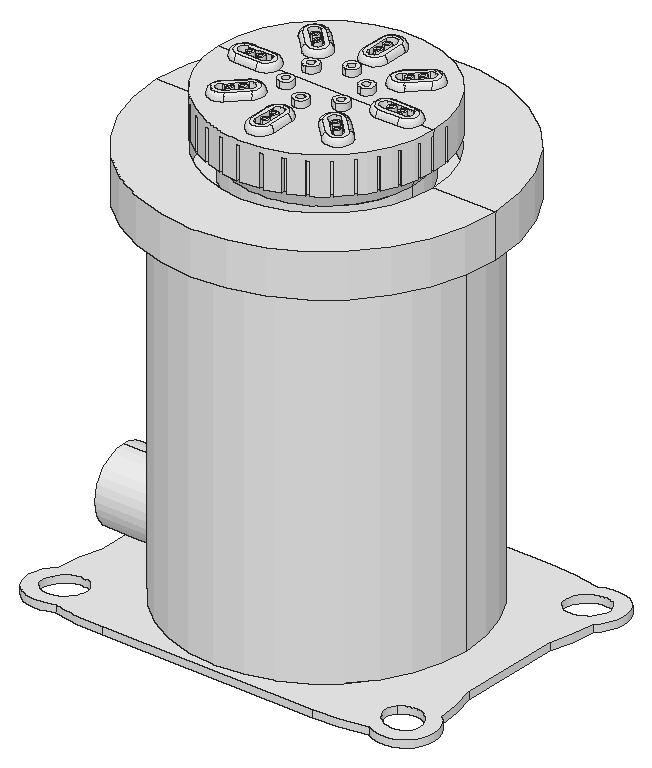
Revit family "xxxNew_xxxBody_Spray-Grohe-Rainshower-Aqua-26744_Series", category Plumbing Fixtures, host Face, Revit 2019
Family settings
  Host = Face
  Round Connector Dimension = Use Diameter
  Part Type = Normal
  OmniClass Number = 23.45.05.14.17
  OmniClass Title = Showers
  Cut with Voids When Loaded = No
  Shared = Yes
  Room Calculation Point = No
Parameters (values of type "26744000")
  Width = 2 15/16"
  Waste Connection = no
  WFU = 4  # constant formula
  Vent Connection = no
  URL = "https://www.grohe.us/"
  Type Comments = ""
  Tempered Water Connection Diameter = 1/2"  # constant formula
  Tempered Water Connection = yes
  Price = "Prices may vary. Please consult Manufacturer Representative for most up-to-date price list."  # constant formula
  Model = "26744000"
  Material = "Plastic-Grohe-000-Starlight Chrome"
  Manufacturer = "Grohe"  # constant formula
  Length = 7/8"
  HWFU = 3  # constant formula
  HW Connection = no
  Flow Rate = "0.9gpm (3.3 l/min)"
  Finish = Plastic-Grohe-000-Starlight Chrome
  Energy Policy Act of 1992 = yes
  Description = "Rainshower™ Aqua Body Spray- 2 Sprays"
  Default Elevation = 34"
  Creation Date = "03/23/2021"  # constant formula
  Concealed Body (3 3/16"- 4 5/16") = 3 3/16"
  Concealed Body Length = if([Concealed Body (3 3/16"- 4 5/16")] < 3 3/16", 3 3/16", if([Concealed Body (3 3/16"- 4 5/16")] > 4 5/16", 4 5/16", [Concealed Body (3 3/16"- 4 5/16")]))  # 3 3/16"
  Compliance Certifications = "Massachusetts Plumbing Board Approved, CSA B125.1"
  CalGreen Compliant = yes
  CWFU = 3  # constant formula
  CW Connection = no
  CEC Compliant = yes
  Assembly Code = "D2010710"
  ASME A112.18.1/CSA B125.1 = yes
Reference planes (in)
  plane 1 "Center (Front/Back)": y = 0
  plane 2: z = 0
  plane 3 "Center (Left/Right)": x = 0
  plane 4: x = -1.46875
  plane 5: x = 1.46875
  plane 6: z = 0.875
  plane 7: z = -3.1875
Forms (in)
  Revolve 1, solid, material "Plastic-Grohe-000-Starlight Chrome" <- "Finish"
    sketch origin (0, 0, -0.05123) x (-1, 0, 0) y (0, 0, -1)
      loop
        line (0, -0.05123) -> (-1.46875, -0.05123) -> (-1.46875, -0.42623) -> (-0.93512, -0.42623) -> (-0.93512, -0.19033) -> (-0.74674, -0.19033) -> (-0.74674, -0.375) -> (-0.83065, -0.55496) -> (-0.93512, -0.55496) -> (-0.93512, -0.875) -> (0, -0.875) -> (0, -0.05123)
      axis (0, -0.875) -> (0, -0.05123)
    angle from 0 to 360
  Extrusion 2, solid, material "Plastic-Grohe-000-Starlight Chrome" <- "Finish"
    sketch origin (0, 0, 0) x (0, 1, 0) y (-1, 0, 0)
      loop
        circle (0.27664, 0) r 0.0625
      loop
        circle (0.13634, -0.24071) r 0.0625
      loop
        circle (-0.27664, 0) r 0.0625
      loop
        circle (-0.13634, -0.24071) r 0.0625
      loop
        circle (0.13634, 0.24071) r 0.0625
      loop
        circle (-0.13634, 0.24071) r 0.0625
      loop
        circle (0.13634, -0.24071) r 0.03125
      loop
        circle (-0.13634, -0.24071) r 0.03125
      loop
        circle (0.27664, 0) r 0.03125
      loop
        circle (0.13634, 0.24071) r 0.03125
      loop
        circle (-0.13634, 0.24071) r 0.03125
      loop
        circle (-0.27664, 0) r 0.03125
      loop
        circle (0.66236, 0) r 0.03125
      loop
        circle (0.56811, 0) r 0.03125
      loop
        circle (0, -0.66236) r 0.03125
      loop
        circle (0, -0.56811) r 0.03125
      loop
        circle (0.46836, -0.46836) r 0.03125
      loop
        circle (0.40171, -0.40171) r 0.03125
      loop
        circle (0, -0.66236) r 0.01562
      loop
        circle (0, -0.56811) r 0.01563
      loop
        circle (0.46836, -0.46836) r 0.01562
      loop
        circle (0.40171, -0.40171) r 0.01562
      loop
        circle (0.56811, 0) r 0.01563
      loop
        circle (0.66236, 0) r 0.01562
      loop
        circle (-0.66236, 0) r 0.03125
      loop
        circle (-0.56811, 0) r 0.03125
      loop
        circle (-0.46836, -0.46836) r 0.03125
      loop
        circle (-0.40171, -0.40171) r 0.03125
      loop
        circle (-0.46836, -0.46836) r 0.01562
      loop
        circle (-0.40171, -0.40171) r 0.01562
      loop
        circle (-0.56811, 0) r 0.01563
      loop
        circle (-0.66236, 0) r 0.01562
      loop
        circle (0, 0.66236) r 0.03125
      loop
        circle (0, 0.56811) r 0.03125
      loop
        circle (0.46836, 0.46836) r 0.03125
      loop
        circle (0.40171, 0.40171) r 0.03125
      loop
        circle (0, 0.66236) r 0.01562
      loop
        circle (0, 0.56811) r 0.01563
      loop
        circle (0.46836, 0.46836) r 0.01562
      loop
        circle (0.40171, 0.40171) r 0.01562
      loop
        circle (-0.46836, 0.46836) r 0.03125
      loop
        circle (-0.40171, 0.40171) r 0.03125
      loop
        circle (-0.46836, 0.46836) r 0.01562
      loop
        circle (-0.40171, 0.40171) r 0.01562
    from 0.82377 to 0.875
  Sweep 3, solid, material "Plastic-Grohe-000-Starlight Chrome" <- "Finish"
    path origin (0, 0, 0.82377) x (1, 0, 0) y (0, 1, 0)
      loop
        arc (0.11245, 0.70949) -> (0, 0.82194) -> (-0.11245, 0.70949) r 0.11245
        line (-0.11245, 0.70949) -> (-0.11245, 0.52098)
        arc (-0.11245, 0.52098) -> (0, 0.40853) -> (0.11245, 0.52098) r 0.11245
        line (0.11245, 0.52098) -> (0.11245, 0.70949)
    profile origin (0.11245, 0.61523, 0.82377) x (1, 0, 0) y (0, 0, 1)
      loop
        spline (-0.00051, 0) -> (-0.00137, 0.00703) -> (-0.00263, 0.01381) -> (-0.00427, 0.02025) -> (-0.00627, 0.02628) -> (-0.00861, 0.0318) -> (-0.01125, 0.03674) -> (-0.01415, 0.04104) -> (-0.01729, 0.04464) -> (-0.02061, 0.04749) -> (-0.02408, 0.04956) -> (-0.02764, 0.05081) -> (-0.03125, 0.05123)
        line (-0.03125, 0.05123) -> (-0.06351, 0.05123) -> (-0.06351, 0) -> (-0.00051, 0)
  Sweep 4, solid, material "Plastic-Grohe-000-Starlight Chrome" <- "Finish"
    path origin (0, 0, 0.82377) x (0, -1, 0) y (1, 0, 0)
      loop
        arc (0.11245, 0.70949) -> (0, 0.82194) -> (-0.11245, 0.70949) r 0.11245
        line (-0.11245, 0.70949) -> (-0.11245, 0.52098)
        arc (-0.11245, 0.52098) -> (0, 0.40853) -> (0.11245, 0.52098) r 0.11245
        line (0.11245, 0.52098) -> (0.11245, 0.70949)
    profile origin (0.61523, -0.11245, 0.82377) x (0, -1, 0) y (0, 0, 1)
      loop
        spline (-0.00051, 0) -> (-0.00137, 0.00703) -> (-0.00263, 0.01381) -> (-0.00427, 0.02025) -> (-0.00627, 0.02628) -> (-0.00861, 0.0318) -> (-0.01125, 0.03674) -> (-0.01415, 0.04104) -> (-0.01729, 0.04464) -> (-0.02061, 0.04749) -> (-0.02408, 0.04956) -> (-0.02764, 0.05081) -> (-0.03125, 0.05123)
        line (-0.03125, 0.05123) -> (-0.06351, 0.05123) -> (-0.06351, 0) -> (-0.00051, 0)
  Sweep 5, solid, material "Plastic-Grohe-000-Starlight Chrome" <- "Finish"
    path origin (0, 0, 0.82377) x (-0.707107, 0.707107, 0) y (-0.707107, -0.707107, 0)
      loop
        line (0.11245, -0.70949) -> (0.11245, -0.52098)
        arc (0.11245, -0.52098) -> (0, -0.40853) -> (-0.11245, -0.52098) r 0.11245
        line (-0.11245, -0.52098) -> (-0.11245, -0.70949)
        arc (-0.11245, -0.70949) -> (0, -0.82194) -> (0.11245, -0.70949) r 0.11245
    profile origin (0.35552, 0.51455, 0.82377) x (0.707107, -0.707107, 0) y (0, 0, 1)
      loop
        line (0.00051, 0) -> (0.06351, 0) -> (0.06351, 0.05123) -> (0.03125, 0.05123)
        spline (0.03125, 0.05123) -> (0.02764, 0.05081) -> (0.02408, 0.04956) -> (0.02061, 0.04749) -> (0.01729, 0.04464) -> (0.01415, 0.04104) -> (0.01125, 0.03674) -> (0.00861, 0.0318) -> (0.00627, 0.02628) -> (0.00427, 0.02025) -> (0.00263, 0.01381) -> (0.00137, 0.00703) -> (0.00051, 0)
  Sweep 6, solid, material "Plastic-Grohe-000-Starlight Chrome" <- "Finish"
    path origin (0, 0, 0.82377) x (1, 0, 0) y (0, 1, 0)
      loop
        line (0.11245, -0.70949) -> (0.11245, -0.52098)
        arc (0.11245, -0.52098) -> (0, -0.40853) -> (-0.11245, -0.52098) r 0.11245
        line (-0.11245, -0.52098) -> (-0.11245, -0.70949)
        arc (-0.11245, -0.70949) -> (0, -0.82194) -> (0.11245, -0.70949) r 0.11245
    profile origin (0.11245, -0.61523, 0.82377) x (-1, 0, 0) y (0, 0, 1)
      loop
        line (0.00051, 0) -> (0.06351, 0) -> (0.06351, 0.05123) -> (0.03125, 0.05123)
        spline (0.03125, 0.05123) -> (0.02764, 0.05081) -> (0.02408, 0.04956) -> (0.02061, 0.04749) -> (0.01729, 0.04464) -> (0.01415, 0.04104) -> (0.01125, 0.03674) -> (0.00861, 0.0318) -> (0.00627, 0.02628) -> (0.00427, 0.02025) -> (0.00263, 0.01381) -> (0.00137, 0.00703) -> (0.00051, 0)
  Sweep 7, solid, material "Plastic-Grohe-000-Starlight Chrome" <- "Finish"
    path origin (0, 0, 0.82377) x (-0.707107, -0.707107, 0) y (0.707107, -0.707107, 0)
      loop
        arc (0.11245, 0.70949) -> (0, 0.82194) -> (-0.11245, 0.70949) r 0.11245
        line (-0.11245, 0.70949) -> (-0.11245, 0.52098)
        arc (-0.11245, 0.52098) -> (0, 0.40853) -> (0.11245, 0.52098) r 0.11245
        line (0.11245, 0.52098) -> (0.11245, 0.70949)
    profile origin (0.35552, -0.51455, 0.82377) x (-0.707107, -0.707107, 0) y (0, 0, 1)
      loop
        spline (-0.00051, 0) -> (-0.00137, 0.00703) -> (-0.00263, 0.01381) -> (-0.00427, 0.02025) -> (-0.00627, 0.02628) -> (-0.00861, 0.0318) -> (-0.01125, 0.03674) -> (-0.01415, 0.04104) -> (-0.01729, 0.04464) -> (-0.02061, 0.04749) -> (-0.02408, 0.04956) -> (-0.02764, 0.05081) -> (-0.03125, 0.05123)
        line (-0.03125, 0.05123) -> (-0.06351, 0.05123) -> (-0.06351, 0) -> (-0.00051, 0)
  Sweep 8, solid, material "Plastic-Grohe-000-Starlight Chrome" <- "Finish"
    path origin (0, 0, 0.82377) x (0, -1, 0) y (1, 0, 0)
      loop
        line (0.11245, -0.70949) -> (0.11245, -0.52098)
        arc (0.11245, -0.52098) -> (0, -0.40853) -> (-0.11245, -0.52098) r 0.11245
        line (-0.11245, -0.52098) -> (-0.11245, -0.70949)
        arc (-0.11245, -0.70949) -> (0, -0.82194) -> (0.11245, -0.70949) r 0.11245
    profile origin (-0.61523, -0.11245, 0.82377) x (0, 1, 0) y (0, 0, 1)
      loop
        line (0.00051, 0) -> (0.06351, 0) -> (0.06351, 0.05123) -> (0.03125, 0.05123)
        spline (0.03125, 0.05123) -> (0.02764, 0.05081) -> (0.02408, 0.04956) -> (0.02061, 0.04749) -> (0.01729, 0.04464) -> (0.01415, 0.04104) -> (0.01125, 0.03674) -> (0.00861, 0.0318) -> (0.00627, 0.02628) -> (0.00427, 0.02025) -> (0.00263, 0.01381) -> (0.00137, 0.00703) -> (0.00051, 0)
  Sweep 9, solid, material "Plastic-Grohe-000-Starlight Chrome" <- "Finish"
    path origin (0, 0, 0.82377) x (0.707107, 0.707107, 0) y (-0.707107, 0.707107, 0)
      loop
        arc (0.11245, 0.70949) -> (0, 0.82194) -> (-0.11245, 0.70949) r 0.11245
        line (-0.11245, 0.70949) -> (-0.11245, 0.52098)
        arc (-0.11245, 0.52098) -> (0, 0.40853) -> (0.11245, 0.52098) r 0.11245
        line (0.11245, 0.52098) -> (0.11245, 0.70949)
    profile origin (-0.35552, 0.51455, 0.82377) x (0.707107, 0.707107, 0) y (0, 0, 1)
      loop
        spline (-0.00051, 0) -> (-0.00137, 0.00703) -> (-0.00263, 0.01381) -> (-0.00427, 0.02025) -> (-0.00627, 0.02628) -> (-0.00861, 0.0318) -> (-0.01125, 0.03674) -> (-0.01415, 0.04104) -> (-0.01729, 0.04464) -> (-0.02061, 0.04749) -> (-0.02408, 0.04956) -> (-0.02764, 0.05081) -> (-0.03125, 0.05123)
        line (-0.03125, 0.05123) -> (-0.06351, 0.05123) -> (-0.06351, 0) -> (-0.00051, 0)
  Sweep 10, solid, material "Plastic-Grohe-000-Starlight Chrome" <- "Finish"
    path origin (0, 0, 0.82377) x (0.707107, -0.707107, 0) y (0.707107, 0.707107, 0)
      loop
        line (0.11245, -0.70949) -> (0.11245, -0.52098)
        arc (0.11245, -0.52098) -> (0, -0.40853) -> (-0.11245, -0.52098) r 0.11245
        line (-0.11245, -0.52098) -> (-0.11245, -0.70949)
        arc (-0.11245, -0.70949) -> (0, -0.82194) -> (0.11245, -0.70949) r 0.11245
    profile origin (-0.35552, -0.51455, 0.82377) x (-0.707107, 0.707107, 0) y (0, 0, 1)
      loop
        line (0.00051, 0) -> (0.06351, 0) -> (0.06351, 0.05123) -> (0.03125, 0.05123)
        spline (0.03125, 0.05123) -> (0.02764, 0.05081) -> (0.02408, 0.04956) -> (0.02061, 0.04749) -> (0.01729, 0.04464) -> (0.01415, 0.04104) -> (0.01125, 0.03674) -> (0.00861, 0.0318) -> (0.00627, 0.02628) -> (0.00427, 0.02025) -> (0.00263, 0.01381) -> (0.00137, 0.00703) -> (0.00051, 0)
  Extrusion 11, void
    sketch origin (0, 0, 0) x (1, 0, 0) y (0, 1, 0)
      loop
        arc (0, 0.93512) -> (-0.01563, 0.93499) -> (-0.03125, 0.9346) r 0.93512
        line (-0.03125, 0.9346) -> (-0.03125, 0.90333)
        arc (-0.03125, 0.90333) -> (-0.01563, 0.90374) -> (0, 0.90387) r 0.90387
        line (0, 0.90387) -> (0, 0.93512)
      loop
        line (-0.90387, 0) -> (-0.93512, 0)
        arc (-0.93512, 0) -> (-0.93499, -0.01563) -> (-0.9346, -0.03125) r 0.93512
        line (-0.9346, -0.03125) -> (-0.90333, -0.03125)
        arc (-0.90333, -0.03125) -> (-0.90374, -0.01563) -> (-0.90387, 0) r 0.90387
      loop
        line (-0.15696, 0.89014) -> (-0.16238, 0.92091)
        arc (-0.16238, 0.92091) -> (-0.17775, 0.91807) -> (-0.19307, 0.91497) r 0.93512
        line (-0.19307, 0.91497) -> (-0.18764, 0.88418)
        arc (-0.18764, 0.88418) -> (-0.17232, 0.88729) -> (-0.15696, 0.89014) r 0.90387
      loop
        line (-0.30914, 0.84936) -> (-0.31983, 0.87873)
        arc (-0.31983, 0.87873) -> (-0.33447, 0.87326) -> (-0.34902, 0.86755) r 0.93512
        line (-0.34902, 0.86755) -> (-0.33832, 0.83816)
        arc (-0.33832, 0.83816) -> (-0.32378, 0.84389) -> (-0.30914, 0.84936) r 0.90387
      loop
        line (-0.45194, 0.78277) -> (-0.46756, 0.80984)
        arc (-0.46756, 0.80984) -> (-0.48103, 0.80191) -> (-0.49436, 0.79376) r 0.93512
        line (-0.49436, 0.79376) -> (-0.47873, 0.76668)
        arc (-0.47873, 0.76668) -> (-0.4654, 0.77484) -> (-0.45194, 0.78277) r 0.90387
      loop
        line (-0.581, 0.69241) -> (-0.60108, 0.71634)
        arc (-0.60108, 0.71634) -> (-0.61297, 0.7062) -> (-0.62469, 0.69586) r 0.93512
        line (-0.62469, 0.69586) -> (-0.60459, 0.6719)
        arc (-0.60459, 0.6719) -> (-0.59288, 0.68226) -> (-0.581, 0.69241) r 0.90387
      loop
        line (-0.69241, 0.581) -> (-0.71634, 0.60108)
        arc (-0.71634, 0.60108) -> (-0.72629, 0.58903) -> (-0.73603, 0.57681) r 0.93512
        line (-0.73603, 0.57681) -> (-0.71208, 0.55671)
        arc (-0.71208, 0.55671) -> (-0.70235, 0.56894) -> (-0.69241, 0.581) r 0.90387
      loop
        line (-0.78277, 0.45194) -> (-0.80984, 0.46756)
        arc (-0.80984, 0.46756) -> (-0.81754, 0.45396) -> (-0.82501, 0.44024) r 0.93512
        line (-0.82501, 0.44024) -> (-0.79793, 0.4246)
        arc (-0.79793, 0.4246) -> (-0.79047, 0.43833) -> (-0.78277, 0.45194) r 0.90387
      loop
        line (-0.84936, 0.30914) -> (-0.87873, 0.31983)
        arc (-0.87873, 0.31983) -> (-0.88395, 0.3051) -> (-0.88892, 0.29029) r 0.93512
        line (-0.88892, 0.29029) -> (-0.85954, 0.27959)
        arc (-0.85954, 0.27959) -> (-0.85458, 0.29441) -> (-0.84936, 0.30914) r 0.90387
      loop
        arc (-0.89503, 0.12609) -> (-0.89272, 0.14154) -> (-0.89014, 0.15696) r 0.90387
        line (-0.89014, 0.15696) -> (-0.92091, 0.16238)
        arc (-0.92091, 0.16238) -> (-0.9235, 0.14697) -> (-0.92583, 0.13152) r 0.93512
        line (-0.92583, 0.13152) -> (-0.89503, 0.12609)
      loop
        line (0, -0.93512) -> (0, -0.90387)
        arc (0, -0.90387) -> (-0.01563, -0.90374) -> (-0.03125, -0.90333) r 0.90387
        line (-0.03125, -0.90333) -> (-0.03125, -0.9346)
        arc (-0.03125, -0.9346) -> (-0.01563, -0.93499) -> (0, -0.93512) r 0.93512
      loop
        arc (-0.15696, -0.89014) -> (-0.17232, -0.88729) -> (-0.18764, -0.88418) r 0.90387
        line (-0.18764, -0.88418) -> (-0.19307, -0.91497)
        arc (-0.19307, -0.91497) -> (-0.17775, -0.91807) -> (-0.16238, -0.92091) r 0.93512
        line (-0.16238, -0.92091) -> (-0.15696, -0.89014)
      loop
        arc (-0.30914, -0.84936) -> (-0.32378, -0.84389) -> (-0.33832, -0.83816) r 0.90387
        line (-0.33832, -0.83816) -> (-0.34902, -0.86755)
        arc (-0.34902, -0.86755) -> (-0.33447, -0.87326) -> (-0.31983, -0.87873) r 0.93512
        line (-0.31983, -0.87873) -> (-0.30914, -0.84936)
      loop
        arc (-0.45194, -0.78277) -> (-0.4654, -0.77484) -> (-0.47873, -0.76668) r 0.90387
        line (-0.47873, -0.76668) -> (-0.49436, -0.79376)
        arc (-0.49436, -0.79376) -> (-0.48103, -0.80191) -> (-0.46756, -0.80984) r 0.93512
        line (-0.46756, -0.80984) -> (-0.45194, -0.78277)
      loop
        arc (-0.581, -0.69241) -> (-0.59288, -0.68226) -> (-0.60459, -0.6719) r 0.90387
        line (-0.60459, -0.6719) -> (-0.62469, -0.69586)
        arc (-0.62469, -0.69586) -> (-0.61297, -0.7062) -> (-0.60108, -0.71634) r 0.93512
        line (-0.60108, -0.71634) -> (-0.581, -0.69241)
      loop
        arc (-0.69241, -0.581) -> (-0.70235, -0.56894) -> (-0.71208, -0.55671) r 0.90387
        line (-0.71208, -0.55671) -> (-0.73603, -0.57681)
        arc (-0.73603, -0.57681) -> (-0.72629, -0.58903) -> (-0.71634, -0.60108) r 0.93512
        line (-0.71634, -0.60108) -> (-0.69241, -0.581)
      loop
        arc (-0.78277, -0.45194) -> (-0.79047, -0.43833) -> (-0.79793, -0.4246) r 0.90387
        line (-0.79793, -0.4246) -> (-0.82501, -0.44024)
        arc (-0.82501, -0.44024) -> (-0.81754, -0.45396) -> (-0.80984, -0.46756) r 0.93512
        line (-0.80984, -0.46756) -> (-0.78277, -0.45194)
      loop
        arc (-0.84936, -0.30914) -> (-0.85458, -0.29441) -> (-0.85954, -0.27959) r 0.90387
        line (-0.85954, -0.27959) -> (-0.88892, -0.29029)
        arc (-0.88892, -0.29029) -> (-0.88395, -0.3051) -> (-0.87873, -0.31983) r 0.93512
        line (-0.87873, -0.31983) -> (-0.84936, -0.30914)
      loop
        line (-0.89503, -0.12609) -> (-0.92583, -0.13152)
        arc (-0.92583, -0.13152) -> (-0.9235, -0.14697) -> (-0.92091, -0.16238) r 0.93512
        line (-0.92091, -0.16238) -> (-0.89014, -0.15696)
        arc (-0.89014, -0.15696) -> (-0.89272, -0.14154) -> (-0.89503, -0.12609) r 0.90387
      loop
        arc (0.90387, 0) -> (0.90374, -0.01563) -> (0.90333, -0.03125) r 0.90387
        line (0.90333, -0.03125) -> (0.9346, -0.03125)
        arc (0.9346, -0.03125) -> (0.93499, -0.01563) -> (0.93512, 0) r 0.93512
        line (0.93512, 0) -> (0.90387, 0)
      loop
        arc (0.15696, 0.89014) -> (0.17232, 0.88729) -> (0.18764, 0.88418) r 0.90387
        line (0.18764, 0.88418) -> (0.19307, 0.91497)
        arc (0.19307, 0.91497) -> (0.17775, 0.91807) -> (0.16238, 0.92091) r 0.93512
        line (0.16238, 0.92091) -> (0.15696, 0.89014)
      loop
        arc (0.30914, 0.84936) -> (0.32378, 0.84389) -> (0.33832, 0.83816) r 0.90387
        line (0.33832, 0.83816) -> (0.34902, 0.86755)
        arc (0.34902, 0.86755) -> (0.33447, 0.87326) -> (0.31983, 0.87873) r 0.93512
        line (0.31983, 0.87873) -> (0.30914, 0.84936)
      loop
        arc (0.45194, 0.78277) -> (0.4654, 0.77484) -> (0.47873, 0.76668) r 0.90387
        line (0.47873, 0.76668) -> (0.49436, 0.79376)
        arc (0.49436, 0.79376) -> (0.48103, 0.80191) -> (0.46756, 0.80984) r 0.93512
        line (0.46756, 0.80984) -> (0.45194, 0.78277)
      loop
        arc (0.581, 0.69241) -> (0.59288, 0.68226) -> (0.60459, 0.6719) r 0.90387
        line (0.60459, 0.6719) -> (0.62469, 0.69586)
        arc (0.62469, 0.69586) -> (0.61297, 0.7062) -> (0.60108, 0.71634) r 0.93512
        line (0.60108, 0.71634) -> (0.581, 0.69241)
      loop
        arc (0.69241, 0.581) -> (0.70235, 0.56894) -> (0.71208, 0.55671) r 0.90387
        line (0.71208, 0.55671) -> (0.73603, 0.57681)
        arc (0.73603, 0.57681) -> (0.72629, 0.58903) -> (0.71634, 0.60108) r 0.93512
        line (0.71634, 0.60108) -> (0.69241, 0.581)
      loop
        arc (0.78277, 0.45194) -> (0.79047, 0.43833) -> (0.79793, 0.4246) r 0.90387
        line (0.79793, 0.4246) -> (0.82501, 0.44024)
        arc (0.82501, 0.44024) -> (0.81754, 0.45396) -> (0.80984, 0.46756) r 0.93512
        line (0.80984, 0.46756) -> (0.78277, 0.45194)
      loop
        arc (0.84936, 0.30914) -> (0.85458, 0.29441) -> (0.85954, 0.27959) r 0.90387
        line (0.85954, 0.27959) -> (0.88892, 0.29029)
        arc (0.88892, 0.29029) -> (0.88395, 0.3051) -> (0.87873, 0.31983) r 0.93512
        line (0.87873, 0.31983) -> (0.84936, 0.30914)
      loop
        line (0.89503, 0.12609) -> (0.92583, 0.13152)
        arc (0.92583, 0.13152) -> (0.9235, 0.14697) -> (0.92091, 0.16238) r 0.93512
        line (0.92091, 0.16238) -> (0.89014, 0.15696)
        arc (0.89014, 0.15696) -> (0.89272, 0.14154) -> (0.89503, 0.12609) r 0.90387
      loop
        line (0.15696, -0.89014) -> (0.16238, -0.92091)
        arc (0.16238, -0.92091) -> (0.17775, -0.91807) -> (0.19307, -0.91497) r 0.93512
        line (0.19307, -0.91497) -> (0.18764, -0.88418)
        arc (0.18764, -0.88418) -> (0.17232, -0.88729) -> (0.15696, -0.89014) r 0.90387
      loop
        line (0.30914, -0.84936) -> (0.31983, -0.87873)
        arc (0.31983, -0.87873) -> (0.33447, -0.87326) -> (0.34902, -0.86755) r 0.93512
        line (0.34902, -0.86755) -> (0.33832, -0.83816)
        arc (0.33832, -0.83816) -> (0.32378, -0.84389) -> (0.30914, -0.84936) r 0.90387
      loop
        line (0.45194, -0.78277) -> (0.46756, -0.80984)
        arc (0.46756, -0.80984) -> (0.48103, -0.80191) -> (0.49436, -0.79376) r 0.93512
        line (0.49436, -0.79376) -> (0.47873, -0.76668)
        arc (0.47873, -0.76668) -> (0.4654, -0.77484) -> (0.45194, -0.78277) r 0.90387
      loop
        line (0.581, -0.69241) -> (0.60108, -0.71634)
        arc (0.60108, -0.71634) -> (0.61297, -0.7062) -> (0.62469, -0.69586) r 0.93512
        line (0.62469, -0.69586) -> (0.60459, -0.6719)
        arc (0.60459, -0.6719) -> (0.59288, -0.68226) -> (0.581, -0.69241) r 0.90387
      loop
        line (0.69241, -0.581) -> (0.71634, -0.60108)
        arc (0.71634, -0.60108) -> (0.72629, -0.58903) -> (0.73603, -0.57681) r 0.93512
        line (0.73603, -0.57681) -> (0.71208, -0.55671)
        arc (0.71208, -0.55671) -> (0.70235, -0.56894) -> (0.69241, -0.581) r 0.90387
      loop
        line (0.78277, -0.45194) -> (0.80984, -0.46756)
        arc (0.80984, -0.46756) -> (0.81754, -0.45396) -> (0.82501, -0.44024) r 0.93512
        line (0.82501, -0.44024) -> (0.79793, -0.4246)
        arc (0.79793, -0.4246) -> (0.79047, -0.43833) -> (0.78277, -0.45194) r 0.90387
      loop
        line (0.84936, -0.30914) -> (0.87873, -0.31983)
        arc (0.87873, -0.31983) -> (0.88395, -0.3051) -> (0.88892, -0.29029) r 0.93512
        line (0.88892, -0.29029) -> (0.85954, -0.27959)
        arc (0.85954, -0.27959) -> (0.85458, -0.29441) -> (0.84936, -0.30914) r 0.90387
      loop
        arc (0.89503, -0.12609) -> (0.89272, -0.14154) -> (0.89014, -0.15696) r 0.90387
        line (0.89014, -0.15696) -> (0.92091, -0.16238)
        arc (0.92091, -0.16238) -> (0.9235, -0.14697) -> (0.92583, -0.13152) r 0.93512
        line (0.92583, -0.13152) -> (0.89503, -0.12609)
    from 0.50374 to 0.77977
  Extrusion 12, solid, material "Plastic-Grohe-000-Starlight Chrome" <- "Finish"
    sketch origin (0, 0, 0) x (1, 0, 0) y (0, 1, 0)
      loop
        spline (-1.35613, 1.23925) -> (-1.42148, 1.26562) -> (-1.48941, 1.27745) -> (-1.55621, 1.27408) -> (-1.61822, 1.25571) -> (-1.67205, 1.22333) -> (-1.71475, 1.17873) -> (-1.74397, 1.12434) -> (-1.75813, 1.06314) -> (-1.75644, 0.99848) -> (-1.739, 0.93391) -> (-1.70676, 0.87296) -> (-1.66149, 0.81896)
        arc (-1.66149, 0.81896) -> (-1.6376, 0.62636) -> (-1.59026, 0.43815) r 1.57826
        line (-1.59026, 0.43815) -> (-1.59026, -0.43815)
        arc (-1.59026, -0.43815) -> (-1.6376, -0.62636) -> (-1.66149, -0.81896) r 1.57826
        spline (-1.66149, -0.81896) -> (-1.70676, -0.87296) -> (-1.739, -0.93391) -> (-1.75644, -0.99848) -> (-1.75813, -1.06314) -> (-1.74397, -1.12434) -> (-1.71475, -1.17873) -> (-1.67205, -1.22333) -> (-1.61822, -1.25571) -> (-1.55621, -1.27408) -> (-1.48941, -1.27745) -> (-1.42148, -1.26562) -> (-1.35613, -1.23925)
        arc (-1.35613, -1.23925) -> (-1.13607, -1.2796) -> (-0.91251, -1.28843) r 1.57826
        arc (-0.91251, -1.28843) -> (0, -1.27407) -> (0.91251, -1.28843) r 29
        arc (0.91251, -1.28843) -> (1.13607, -1.2796) -> (1.35613, -1.23925) r 1.57826
        spline (1.35613, -1.23925) -> (1.42148, -1.26562) -> (1.48941, -1.27745) -> (1.55621, -1.27408) -> (1.61822, -1.25571) -> (1.67205, -1.22333) -> (1.71475, -1.17873) -> (1.74397, -1.12434) -> (1.75813, -1.06314) -> (1.75644, -0.99848) -> (1.739, -0.93391) -> (1.70676, -0.87296) -> (1.66149, -0.81896)
        arc (1.66149, -0.81896) -> (1.6376, -0.62636) -> (1.59026, -0.43815) r 1.57826
        line (1.59026, -0.43815) -> (1.59026, 0.43815)
        arc (1.59026, 0.43815) -> (1.6376, 0.62636) -> (1.66149, 0.81896) r 1.57826
        spline (1.66149, 0.81896) -> (1.70676, 0.87296) -> (1.739, 0.93391) -> (1.75644, 0.99848) -> (1.75813, 1.06314) -> (1.74397, 1.12434) -> (1.71475, 1.17873) -> (1.67205, 1.22333) -> (1.61822, 1.25571) -> (1.55621, 1.27408) -> (1.48941, 1.27745) -> (1.42148, 1.26562) -> (1.35613, 1.23925)
        arc (1.35613, 1.23925) -> (1.13607, 1.2796) -> (0.91251, 1.28843) r 1.57826
        arc (0.91251, 1.28843) -> (0, 1.27407) -> (-0.91251, 1.28843) r 29
        arc (-0.91251, 1.28843) -> (-1.13607, 1.2796) -> (-1.35613, 1.23925) r 1.57826
      loop
        spline (-1.32393, 0.89478) -> (-1.306, 0.92983) -> (-1.29917, 0.96967) -> (-1.30389, 1.01157) -> (-1.31984, 1.05268) -> (-1.34595, 1.0902) -> (-1.38042, 1.12158) -> (-1.42091, 1.14467) -> (-1.46466, 1.1579) -> (-1.50869, 1.16037) -> (-1.55, 1.15191) -> (-1.58577, 1.1331) -> (-1.61357, 1.10522)
        spline (-1.61357, 1.10522) -> (-1.6315, 1.07017) -> (-1.63833, 1.03033) -> (-1.63361, 0.98843) -> (-1.61766, 0.94732) -> (-1.59155, 0.9098) -> (-1.55708, 0.87842) -> (-1.51659, 0.85533) -> (-1.47284, 0.8421) -> (-1.42881, 0.83963) -> (-1.3875, 0.84809) -> (-1.35173, 0.8669) -> (-1.32393, 0.89478)
      loop
        spline (-1.32393, -0.89478) -> (-1.35173, -0.8669) -> (-1.3875, -0.84809) -> (-1.42881, -0.83963) -> (-1.47284, -0.8421) -> (-1.51659, -0.85533) -> (-1.55708, -0.87842) -> (-1.59155, -0.9098) -> (-1.61766, -0.94732) -> (-1.63361, -0.98843) -> (-1.63833, -1.03033) -> (-1.6315, -1.07017) -> (-1.61357, -1.10522)
        spline (-1.61357, -1.10522) -> (-1.58577, -1.1331) -> (-1.55, -1.15191) -> (-1.50869, -1.16037) -> (-1.46466, -1.1579) -> (-1.42091, -1.14467) -> (-1.38042, -1.12158) -> (-1.34595, -1.0902) -> (-1.31984, -1.05268) -> (-1.30389, -1.01157) -> (-1.29917, -0.96967) -> (-1.306, -0.92983) -> (-1.32393, -0.89478)
      loop
        spline (1.32393, 0.89478) -> (1.35173, 0.8669) -> (1.3875, 0.84809) -> (1.42881, 0.83963) -> (1.47284, 0.8421) -> (1.51659, 0.85533) -> (1.55708, 0.87842) -> (1.59155, 0.9098) -> (1.61766, 0.94732) -> (1.63361, 0.98843) -> (1.63833, 1.03033) -> (1.6315, 1.07017) -> (1.61357, 1.10522)
        spline (1.61357, 1.10522) -> (1.58577, 1.1331) -> (1.55, 1.15191) -> (1.50869, 1.16037) -> (1.46466, 1.1579) -> (1.42091, 1.14467) -> (1.38042, 1.12158) -> (1.34595, 1.0902) -> (1.31984, 1.05268) -> (1.30389, 1.01157) -> (1.29917, 0.96967) -> (1.306, 0.92983) -> (1.32393, 0.89478)
      loop
        spline (1.32393, -0.89478) -> (1.306, -0.92983) -> (1.29917, -0.96967) -> (1.30389, -1.01157) -> (1.31984, -1.05268) -> (1.34595, -1.0902) -> (1.38042, -1.12158) -> (1.42091, -1.14467) -> (1.46466, -1.1579) -> (1.50869, -1.16037) -> (1.55, -1.15191) -> (1.58577, -1.1331) -> (1.61357, -1.10522)
        spline (1.61357, -1.10522) -> (1.6315, -1.07017) -> (1.63833, -1.03033) -> (1.63361, -0.98843) -> (1.61766, -0.94732) -> (1.59155, -0.9098) -> (1.55708, -0.87842) -> (1.51659, -0.85533) -> (1.47284, -0.8421) -> (1.42881, -0.83963) -> (1.3875, -0.84809) -> (1.35173, -0.8669) -> (1.32393, -0.89478)
    from -3.125 to -3.1875
  Revolve 13, solid, material "Plastic-Grohe-000-Starlight Chrome" <- "Finish"
    sketch origin (0, 0, 0) x (1, 0, 0) y (0, 0, 1)
      loop
        line (0, -3.125) -> (0, 0) -> (-1.21875, 0) -> (-1.21875, -3.125) -> (0, -3.125)
      axis (0, -3.125) -> (0, 0)
    angle from 0 to 360
  Revolve 14, solid, material "Plastic-Grohe-000-Starlight Chrome" <- "Finish"
    sketch origin (0, 0, 0) x (1, 0, 0) y (0, 0, 1)
      loop
        line (0, -3.125) -> (-1.75937, -3.125) -> (-1.75937, -3.1875) -> (0, -3.1875) -> (0, -3.125)
      axis (-1.75937, -2.875) -> (0, -2.875)
    angle from 0 to 360
Cuts and joins
  Extrusion 11 cuts Revolve 1
  joined: Extrusion 12, Revolve 13, Revolve 14
Lines and regions (in)
  Masking region 1
    outline origin (0, 0, 0) x (1, 0, 0) y (0, 0, 1)
      loop
        line (1.46875, 0) -> (1.46875, 0.375) -> (0.77062, 0.375) -> (0.83065, 0.50374) -> (0.93512, 0.50374) -> (0.93512, 0.82377) -> (0.82251, 0.82377)
        spline (0.82251, 0.82377) -> (0.8222, 0.83046) -> (0.82129, 0.83703) -> (0.81979, 0.84338) -> (0.81771, 0.84939) -> (0.81511, 0.85496) -> (0.81203, 0.86) -> (0.80851, 0.86441) -> (0.80462, 0.86814) -> (0.80042, 0.8711) -> (0.79598, 0.87325) -> (0.79139, 0.87456) -> (0.78672, 0.875)
        line (0.78672, 0.875) -> (-0.78672, 0.875)
        spline (-0.78672, 0.875) -> (-0.79139, 0.87456) -> (-0.79598, 0.87325) -> (-0.80042, 0.8711) -> (-0.80462, 0.86814) -> (-0.80851, 0.86441) -> (-0.81203, 0.86) -> (-0.81511, 0.85496) -> (-0.81771, 0.84939) -> (-0.81979, 0.84338) -> (-0.82129, 0.83703) -> (-0.8222, 0.83046) -> (-0.82251, 0.82377)
        line (-0.82251, 0.82377) -> (-0.93512, 0.82377) -> (-0.93512, 0.50374) -> (-0.83065, 0.50374) -> (-0.77062, 0.375) -> (-1.46875, 0.375) -> (-1.46875, 0) -> (-1.21875, 0) -> (-1.21875, -2.5625) -> (-1.75937, -2.5625) -> (-1.75937, -3.1875) -> (1.75937, -3.1875) -> (1.75937, -3.125) -> (1.21875, -3.125) -> (1.21875, 0) -> (1.46875, 0)
  symbolic lines, detail levels medium+fine
    curve 1: line (0.82143, 0, 0.82377) -> (-0.82143, 0, 0.82377)
    curve 2: line (0.77062, 0, 0.375) -> (-0.77062, 0, 0.375)
    curve 48: line (0.83065, 0, 0.50374) -> (-0.83065, 0, 0.50374)
    curve 55: line (1.75937, 0, -3.125) -> (-1.75937, 0, -3.125)
    curve 56: line (-1.20424, 0, -3.125) -> (-1.21875, 0, -2.5625)
    curve 63: line (-1.21875, 0, 0) -> (1.21875, 0, 0)
  symbolic lines, detail levels fine
    curve 3: line (0.88892, 0, 0.50374) -> (0.88892, 0, 0.77977)
    curve 4: line (0.82501, 0, 0.77977) -> (0.82501, 0, 0.50374)
    curve 5: line (0.73603, 0, 0.50374) -> (0.73603, 0, 0.77977)
    curve 6: line (0.62469, 0, 0.50374) -> (0.62469, 0, 0.77977)
    curve 7: line (0.49436, 0, 0.50374) -> (0.49436, 0, 0.77977)
    curve 8: line (0.34902, 0, 0.50374) -> (0.34902, 0, 0.77977)
    curve 9: line (0.19307, 0, 0.50374) -> (0.19307, 0, 0.77977)
    curve 10: line (0.79376, 0, 0.77977) -> (0.79376, 0, 0.50374)
    curve 11: line (0.70478, 0, 0.50374) -> (0.70478, 0, 0.77977)
    curve 12: line (0.59344, 0, 0.50374) -> (0.59344, 0, 0.77977)
    curve 13: line (0.46311, 0, 0.50374) -> (0.46311, 0, 0.77977)
    curve 14: line (0.31777, 0, 0.50374) -> (0.31777, 0, 0.77977)
    curve 15: line (0.16182, 0, 0.50374) -> (0.16182, 0, 0.77977)
    curve 16: line (0.85767, 0, 0.50374) -> (0.85767, 0, 0.77977)
    curve 17: line (0.88892, 0, 0.77977) -> (0.85767, 0, 0.77977)
    curve 18: line (0.82501, 0, 0.77977) -> (0.79376, 0, 0.77977)
    curve 19: line (0.73603, 0, 0.77977) -> (0.70478, 0, 0.77977)
    curve 20: line (0.62469, 0, 0.77977) -> (0.59344, 0, 0.77977)
    curve 21: line (0.49436, 0, 0.77977) -> (0.46311, 0, 0.77977)
    curve 22: line (0.34902, 0, 0.77977) -> (0.31777, 0, 0.77977)
    curve 23: line (0.19307, 0, 0.77977) -> (0.16182, 0, 0.77977)
    curve 24: line (-0.88892, 0, 0.50374) -> (-0.88892, 0, 0.77977)
    curve 25: line (-0.82501, 0, 0.77977) -> (-0.82501, 0, 0.50374)
    curve 26: line (-0.73603, 0, 0.50374) -> (-0.73603, 0, 0.77977)
    curve 27: line (-0.62469, 0, 0.50374) -> (-0.62469, 0, 0.77977)
    curve 28: line (-0.49436, 0, 0.50374) -> (-0.49436, 0, 0.77977)
    curve 29: line (-0.34902, 0, 0.50374) -> (-0.34902, 0, 0.77977)
    curve 30: line (-0.19307, 0, 0.50374) -> (-0.19307, 0, 0.77977)
    curve 31: line (-0.79376, 0, 0.77977) -> (-0.79376, 0, 0.50374)
    curve 32: line (-0.70478, 0, 0.50374) -> (-0.70478, 0, 0.77977)
    curve 33: line (-0.59344, 0, 0.50374) -> (-0.59344, 0, 0.77977)
    curve 34: line (-0.46311, 0, 0.50374) -> (-0.46311, 0, 0.77977)
    curve 35: line (-0.31777, 0, 0.50374) -> (-0.31777, 0, 0.77977)
    curve 36: line (-0.16182, 0, 0.50374) -> (-0.16182, 0, 0.77977)
    curve 37: line (-0.85767, 0, 0.50374) -> (-0.85767, 0, 0.77977)
    curve 38: line (-0.88892, 0, 0.77977) -> (-0.85767, 0, 0.77977)
    curve 39: line (-0.82501, 0, 0.77977) -> (-0.79376, 0, 0.77977)
    curve 40: line (-0.73603, 0, 0.77977) -> (-0.70478, 0, 0.77977)
    curve 41: line (-0.62469, 0, 0.77977) -> (-0.59344, 0, 0.77977)
    curve 42: line (-0.49436, 0, 0.77977) -> (-0.46311, 0, 0.77977)
    curve 43: line (-0.34902, 0, 0.77977) -> (-0.31777, 0, 0.77977)
    curve 44: line (-0.19307, 0, 0.77977) -> (-0.16182, 0, 0.77977)
    curve 45: line (0.01563, 0, 0.50374) -> (0.01563, 0, 0.77977)
    curve 46: line (-0.01562, 0, 0.50374) -> (-0.01562, 0, 0.77977)
    curve 47: line (0.01563, 0, 0.77977) -> (-0.01562, 0, 0.77977)
    curve 49: spline (0.61373, 0, 0.82377) -> (0.61352, 0, 0.83046) -> (0.61287, 0, 0.83703) -> (0.6118, 0, 0.84338) -> (0.61034, 0, 0.84939) -> (0.60849, 0, 0.85496) -> (0.60631, 0, 0.86) -> (0.60382, 0, 0.86441) -> (0.60106, 0, 0.86814) -> (0.59809, 0, 0.8711) -> (0.59495, 0, 0.87325) -> (0.5917, 0, 0.87456) -> (0.58839, 0, 0.875)
    curve 50: spline (0.28643, 0, 0.875) -> (0.28312, 0, 0.87456) -> (0.27987, 0, 0.87325) -> (0.27673, 0, 0.8711) -> (0.27376, 0, 0.86814) -> (0.271, 0, 0.86441) -> (0.26851, 0, 0.86) -> (0.26632, 0, 0.85496) -> (0.26448, 0, 0.84939) -> (0.26302, 0, 0.84338) -> (0.26195, 0, 0.83703) -> (0.2613, 0, 0.83046) -> (0.26109, 0, 0.82377)
    curve 51: spline (0.11008, 0, 0.82377) -> (0.10987, 0, 0.83046) -> (0.10922, 0, 0.83703) -> (0.10815, 0, 0.84338) -> (0.10669, 0, 0.84939) -> (0.10485, 0, 0.85496) -> (0.10266, 0, 0.86) -> (0.10017, 0, 0.86441) -> (0.09741, 0, 0.86814) -> (0.09444, 0, 0.8711) -> (0.0913, 0, 0.87325) -> (0.08805, 0, 0.87456) -> (0.08474, 0, 0.875)
    curve 52: spline (-0.08276, 0, 0.875) -> (-0.08607, 0, 0.87456) -> (-0.08932, 0, 0.87325) -> (-0.09246, 0, 0.8711) -> (-0.09543, 0, 0.86814) -> (-0.09819, 0, 0.86441) -> (-0.10068, 0, 0.86) -> (-0.10287, 0, 0.85496) -> (-0.10471, 0, 0.84939) -> (-0.10618, 0, 0.84338) -> (-0.10724, 0, 0.83703) -> (-0.10789, 0, 0.83046) -> (-0.1081, 0, 0.82377)
    curve 53: spline (-0.58373, 0, 0.87482) -> (-0.58722, 0, 0.87493) -> (-0.59069, 0, 0.87406) -> (-0.59407, 0, 0.87224) -> (-0.59728, 0, 0.8695) -> (-0.60029, 0, 0.8659) -> (-0.60301, 0, 0.86149) -> (-0.60542, 0, 0.85637) -> (-0.60745, 0, 0.85062) -> (-0.60907, 0, 0.84437) -> (-0.61025, 0, 0.83773) -> (-0.61097, 0, 0.83082) -> (-0.61121, 0, 0.82377)
    curve 54: spline (-0.28742, 0, 0.875) -> (-0.28411, 0, 0.87456) -> (-0.28086, 0, 0.87325) -> (-0.27772, 0, 0.8711) -> (-0.27475, 0, 0.86814) -> (-0.27199, 0, 0.86441) -> (-0.2695, 0, 0.86) -> (-0.26731, 0, 0.85496) -> (-0.26547, 0, 0.84939) -> (-0.26401, 0, 0.84338) -> (-0.26294, 0, 0.83703) -> (-0.26229, 0, 0.83046) -> (-0.26208, 0, 0.82377)
    curve 57: line (1.66149, 0, -3.1875) -> (1.66149, 0, -3.125)
    curve 58: line (1.59026, 0, -3.1875) -> (1.59026, 0, -3.125)
    curve 59: line (1.35613, 0, -3.1875) -> (1.35613, 0, -3.125)
    curve 60: line (-1.35613, 0, -3.1875) -> (-1.35613, 0, -3.125)
    curve 61: line (-1.59026, 0, -3.125) -> (-1.59026, 0, -3.1875)
    curve 62: line (-1.66149, 0, -3.1875) -> (-1.66149, 0, -3.125)
Dimensions and locks (in)
  equal spacing: plane 4, plane 3 "Center (Left/Right)", plane 5
  "Width": plane 4 to plane 5
  "Length": level to plane 6
  "Concealed Body Length": plane 7 to level
  locked: Extrusion 12 to Extrusion 12 at 0.0625
  Revolve 14 sketch curve to Revolve 14 sketch curve to Revolve 14 sketch curve = 1/16" locked, 1/4" locked
  plane 6 to cut or joined group of Revolve 1, Extrusion 11 to host face = 1/2", 3/8"
  cut or joined group of Revolve 1, Extrusion 11 to cut or joined group of Revolve 1, Extrusion 11 to plane 6 = 3/8" locked, 1/2" locked
  locked: Masking region 1 sketch curve to Masking region 1 sketch curve at 0.625
  aligned and locked: plane 2 to host face
  aligned and locked: level to host face
  aligned and locked: Extrusion 12 to plane 7
  aligned and locked: Extrusion 12 to Revolve 13 sketch curve
  aligned and locked: cut or joined group of Revolve 1, Extrusion 11 to Revolve 13 sketch curve
  aligned and locked: Revolve 13 sketch curve to plane 3 "Center (Left/Right)"
  aligned and locked: plane 3 "Center (Left/Right)" to Revolve 13 sketch curve
  aligned and locked: Masking region 1 sketch curve to cut or joined group of Revolve 1, Extrusion 11  (x3)
  aligned and locked: Masking region 1 sketch curve to Extrusion 2
  aligned and locked: curve 2 to cut or joined group of Revolve 1, Extrusion 11
  aligned and locked: cut or joined group of Revolve 1, Extrusion 11 to curve 5
  aligned and locked: cut or joined group of Revolve 1, Extrusion 11 to curve 6
  aligned and locked: cut or joined group of Revolve 1, Extrusion 11 to curve 7
  aligned and locked: cut or joined group of Revolve 1, Extrusion 11 to curve 8
  aligned and locked: cut or joined group of Revolve 1, Extrusion 11 to curve 9
  aligned and locked: plane 7 to Masking region 1 sketch curve
  aligned and locked: Masking region 1 sketch curve to Extrusion 12
  aligned and locked: Revolve 14 sketch curve to plane 7
  aligned and locked: curve 55 to cut or joined group of Extrusion 12, Revolve 13, Revolve 14
  aligned and locked: curve 57 to cut or joined group of Extrusion 12, Revolve 13, Revolve 14
  aligned and locked: curve 58 to cut or joined group of Extrusion 12, Revolve 13, Revolve 14
  aligned and locked: curve 59 to cut or joined group of Extrusion 12, Revolve 13, Revolve 14
  aligned and locked: curve 60 to cut or joined group of Extrusion 12, Revolve 13, Revolve 14
  aligned and locked: curve 61 to cut or joined group of Extrusion 12, Revolve 13, Revolve 14
  aligned and locked: curve 62 to cut or joined group of Extrusion 12, Revolve 13, Revolve 14
  aligned and locked: curve 63 to cut or joined group of Extrusion 12, Revolve 13, Revolve 14
Automatic sketch dimensions
  host sketch curve to host sketch curve = 16.79273"
  host sketch curve to host sketch curve = 15.37528"
  Extrusion 2 sketch curve to Extrusion 2 sketch curve = 0"  (x46)
  Extrusion 2 sketch curve to plane 5 = 1 15/32"  (x6)
  plane 1 "Center (Front/Back)" to Extrusion 2 sketch curve = 0.66236"
  Extrusion 2 sketch curve to Extrusion 2 sketch curve = 0.09425"  (x4)
  Extrusion 2 sketch curve to Extrusion 2 sketch curve = 0.09975"  (x2)
  Extrusion 2 sketch curve to Extrusion 2 sketch curve = 0.06665"  (x8)
  Extrusion 2 sketch curve to Extrusion 2 sketch curve = 0.29147"  (x2)
  Extrusion 2 sketch curve to Extrusion 2 sketch curve = 0.1403"  (x3)
  Extrusion 2 sketch curve to Extrusion 2 sketch curve = 0.13634"  (x2)
  Extrusion 2 sketch curve to Extrusion 2 sketch curve = 0.27267"  (x2)
  Extrusion 2 sketch curve to Extrusion 2 sketch curve = 0.26538"  (x2)
  Extrusion 2 sketch curve to plane 5 = 1.22804"  (x2)
  Extrusion 2 sketch curve to Extrusion 2 sketch curve = 0.161"  (x4)
  Extrusion 2 sketch curve to Extrusion 2 sketch curve = 0.3274"  (x2)
  Extrusion 2 sketch curve to plane 5 = 1.70946"  (x2)
  Sweep 3 sketch curve to Revolve 1 = 0.52098"
  Sweep 3 sketch curve to Sweep 3 sketch curve = 0.11245"
  Sweep 3 sketch curve to Sweep 3 sketch curve = 0.18851"
  profile plane to Sweep 3 sketch curve = 0"
  profile plane to Sweep 3 sketch curve = 0.06351"
  profile plane to Sweep 3 sketch curve = 1/32"
  profile plane to Sweep 3 sketch curve = 0.00051"
  profile plane to Sweep 3 sketch curve = 0.05123"
  Sweep 3 sketch curve to profile plane = 0.01127"
  Revolve 1 to Sweep 4 sketch curve = 0"
  Sweep 4 sketch curve to Revolve 1 = 0.11245"
  Sweep 4 sketch curve to Sweep 4 sketch curve = 0.18851"
  profile plane to Sweep 4 sketch curve = 0"
  profile plane to Sweep 4 sketch curve = 0.06351"
  profile plane to Sweep 4 sketch curve = 1/32"
  profile plane to Sweep 4 sketch curve = 0.00051"
  profile plane to Sweep 4 sketch curve = 0.05123"
  Sweep 4 sketch curve to profile plane = 0.01127"
  Sweep 5 sketch curve to Revolve 1 = 0.28887"
  Sweep 5 sketch curve to Sweep 5 sketch curve = 0.11245"
  Sweep 5 sketch curve to Sweep 5 sketch curve = 0.18851"
  profile plane to Sweep 5 sketch curve = 0"
  Sweep 5 sketch curve to profile plane = 0.00051"
  Sweep 5 sketch curve to profile plane = 1/32"
  Sweep 5 sketch curve to Sweep 5 sketch curve = 0.03226"
  profile plane to Sweep 5 sketch curve = 0.05123"
  Sweep 5 sketch curve to profile plane = 0.01127"
  Revolve 1 to Sweep 6 sketch curve = 0.52098"
  Sweep 6 sketch curve to Sweep 6 sketch curve = 0.11245"
  Sweep 6 sketch curve to Sweep 6 sketch curve = 0.18851"
  profile plane to Sweep 6 sketch curve = 0"
  Sweep 6 sketch curve to profile plane = 0.00051"
  Sweep 6 sketch curve to profile plane = 1/32"
  Sweep 6 sketch curve to Sweep 6 sketch curve = 0.03226"
  profile plane to Sweep 6 sketch curve = 0.05123"
  Sweep 6 sketch curve to profile plane = 0.01127"
  Revolve 1 to Sweep 7 sketch curve = 0.28887"
  Sweep 7 sketch curve to Sweep 7 sketch curve = 0.11245"
  Sweep 7 sketch curve to Sweep 7 sketch curve = 0.18851"
  profile plane to Sweep 7 sketch curve = 0"
  profile plane to Sweep 7 sketch curve = 0.06351"
  profile plane to Sweep 7 sketch curve = 1/32"
  profile plane to Sweep 7 sketch curve = 0.00051"
  profile plane to Sweep 7 sketch curve = 0.05123"
  Sweep 7 sketch curve to profile plane = 0.01127"
  Sweep 8 sketch curve to Revolve 1 = 0"
  Sweep 8 sketch curve to Revolve 1 = 0.11245"
  Sweep 8 sketch curve to Sweep 8 sketch curve = 0.18851"
  profile plane to Sweep 8 sketch curve = 0"
  Sweep 8 sketch curve to profile plane = 0.00051"
  Sweep 8 sketch curve to profile plane = 1/32"
  Sweep 8 sketch curve to Sweep 8 sketch curve = 0.03226"
  profile plane to Sweep 8 sketch curve = 0.05123"
  Sweep 8 sketch curve to profile plane = 0.01127"
  Sweep 9 sketch curve to Revolve 1 = 0.28887"
  Sweep 9 sketch curve to Sweep 9 sketch curve = 0.11245"
  Sweep 9 sketch curve to Sweep 9 sketch curve = 0.18851"
  profile plane to Sweep 9 sketch curve = 0"
  profile plane to Sweep 9 sketch curve = 0.06351"
  profile plane to Sweep 9 sketch curve = 1/32"
  profile plane to Sweep 9 sketch curve = 0.00051"
  profile plane to Sweep 9 sketch curve = 0.05123"
  Sweep 9 sketch curve to profile plane = 0.01127"
  Revolve 1 to Sweep 10 sketch curve = 0.28887"
  Sweep 10 sketch curve to Sweep 10 sketch curve = 0.11245"
  Sweep 10 sketch curve to Sweep 10 sketch curve = 0.18851"
  profile plane to Sweep 10 sketch curve = 0"
  Sweep 10 sketch curve to profile plane = 0.00051"
  Sweep 10 sketch curve to profile plane = 1/32"
  Sweep 10 sketch curve to Sweep 10 sketch curve = 0.03226"
  profile plane to Sweep 10 sketch curve = 0.05123"
  Sweep 10 sketch curve to profile plane = 0.01127"
  Extrusion 11 sketch curve to Extrusion 11 sketch curve = 0"  (x5112)
  plane 1 "Center (Front/Back)" to Extrusion 11 sketch curve = 0"
  Extrusion 11 sketch curve to plane 3 "Center (Left/Right)" = 0"
  Extrusion 11 sketch curve to plane 3 "Center (Left/Right)" = 1/32"  (x2)
  Extrusion 11 sketch curve to Extrusion 11 sketch curve = 0.12571"  (x2)
  Extrusion 11 sketch curve to Extrusion 11 sketch curve = 0.00543"  (x4)
  Extrusion 11 sketch curve to Extrusion 11 sketch curve = 0.03068"  (x8)
  Extrusion 11 sketch curve to Extrusion 11 sketch curve = 0.12151"  (x4)
  Extrusion 11 sketch curve to Extrusion 11 sketch curve = 0.01069"  (x4)
  Extrusion 11 sketch curve to Extrusion 11 sketch curve = 0.02918"  (x4)
  Extrusion 11 sketch curve to Extrusion 11 sketch curve = 0.02919"  (x4)
  Extrusion 11 sketch curve to Extrusion 11 sketch curve = 0.11361"  (x4)
  Extrusion 11 sketch curve to Extrusion 11 sketch curve = 1/64"  (x4)
  Extrusion 11 sketch curve to Extrusion 11 sketch curve = 0.02679"  (x4)
  Extrusion 11 sketch curve to Extrusion 11 sketch curve = 0.0268"  (x4)
  Extrusion 11 sketch curve to Extrusion 11 sketch curve = 0.10227"  (x4)
  Extrusion 11 sketch curve to Extrusion 11 sketch curve = 0.02009"  (x4)
  Extrusion 11 sketch curve to Extrusion 11 sketch curve = 0.02359"  (x4)
  Extrusion 11 sketch curve to Extrusion 11 sketch curve = 0.0236"  (x4)
  Extrusion 11 sketch curve to Extrusion 11 sketch curve = 0.08782"  (x4)
  Extrusion 11 sketch curve to Extrusion 11 sketch curve = 0.01967"  (x4)
  Extrusion 11 sketch curve to Extrusion 11 sketch curve = 0.02394"  (x4)
  Extrusion 11 sketch curve to Extrusion 11 sketch curve = 0.01969"  (x4)
  Extrusion 11 sketch curve to Extrusion 11 sketch curve = 0.0707"  (x4)
  Extrusion 11 sketch curve to plane 1 "Center (Front/Back)" = 0.4246"  (x2)
  Extrusion 11 sketch curve to Extrusion 11 sketch curve = 0.01516"  (x4)
  plane 1 "Center (Front/Back)" to Extrusion 11 sketch curve = 0.4246"  (x2)
  Extrusion 11 sketch curve to Extrusion 11 sketch curve = 0.02706"  (x4)
  Extrusion 11 sketch curve to plane 1 "Center (Front/Back)" = 0.44024"  (x2)
  Extrusion 11 sketch curve to Extrusion 11 sketch curve = 0.01517"  (x4)
  plane 1 "Center (Front/Back)" to Extrusion 11 sketch curve = 0.44024"  (x2)
  plane 1 "Center (Front/Back)" to Extrusion 11 sketch curve = 0.30914"  (x2)
  Extrusion 11 sketch curve to Extrusion 11 sketch curve = 0.05143"  (x4)
  Extrusion 11 sketch curve to plane 1 "Center (Front/Back)" = 0.30914"  (x2)
  plane 1 "Center (Front/Back)" to Extrusion 11 sketch curve = 0.27959"  (x2)
  Extrusion 11 sketch curve to plane 1 "Center (Front/Back)" = 0.27959"  (x2)
  Extrusion 11 sketch curve to Extrusion 11 sketch curve = 0.02937"  (x4)
  plane 1 "Center (Front/Back)" to Extrusion 11 sketch curve = 0.29029"  (x2)
  Extrusion 11 sketch curve to Extrusion 11 sketch curve = 0.0102"  (x4)
  Extrusion 11 sketch curve to plane 1 "Center (Front/Back)" = 0.29029"  (x2)
  Extrusion 11 sketch curve to plane 1 "Center (Front/Back)" = 0.15696"  (x2)
  Extrusion 11 sketch curve to Extrusion 11 sketch curve = 0.0306"  (x4)
  plane 1 "Center (Front/Back)" to Extrusion 11 sketch curve = 0.15696"  (x2)
  Extrusion 11 sketch curve to plane 1 "Center (Front/Back)" = 0.12609"  (x2)
  plane 1 "Center (Front/Back)" to Extrusion 11 sketch curve = 0.12609"  (x2)
  plane 1 "Center (Front/Back)" to Extrusion 11 sketch curve = 1/32"  (x2)
  Extrusion 11 sketch curve to Extrusion 11 sketch curve = 0.0083"  (x2)
  plane 1 "Center (Front/Back)" to Extrusion 11 sketch curve = 0.16238"  (x2)
  Extrusion 11 sketch curve to Extrusion 11 sketch curve = 0.03078"  (x4)
  Extrusion 11 sketch curve to plane 1 "Center (Front/Back)" = 0.16238"  (x2)
  plane 1 "Center (Front/Back)" to Extrusion 11 sketch curve = 0.13152"  (x2)
  Extrusion 11 sketch curve to plane 1 "Center (Front/Back)" = 0.13152"  (x2)
  Extrusion 11 sketch curve to Extrusion 11 sketch curve = 1/32"  (x4)
  plane 3 "Center (Left/Right)" to Extrusion 11 sketch curve = 0.15696"  (x2)
  Extrusion 11 sketch curve to Extrusion 11 sketch curve = 0.10478"  (x4)
  Extrusion 11 sketch curve to Extrusion 11 sketch curve = 0.0201"  (x4)
  Extrusion 11 sketch curve to Extrusion 11 sketch curve = 0.09091"  (x4)
  Extrusion 11 sketch curve to Extrusion 11 sketch curve = 0.02395"  (x4)
  Extrusion 11 sketch curve to Extrusion 11 sketch curve = 0.07428"  (x4)
  Extrusion 11 sketch curve to Extrusion 11 sketch curve = 0.02708"  (x4)
  Extrusion 11 sketch curve to Extrusion 11 sketch curve = 0.05539"  (x4)
  Extrusion 11 sketch curve to Extrusion 11 sketch curve = 0.02938"  (x4)
  Extrusion 11 sketch curve to Extrusion 11 sketch curve = 0.03482"  (x4)
  Extrusion 11 sketch curve to Extrusion 11 sketch curve = 0.01319"  (x2)
  Extrusion 11 sketch curve to Extrusion 11 sketch curve = 0.03079"  (x4)
  Revolve 1 sketch curve to plane 5 = 0"
  Revolve 1 sketch curve to plane 3 "Center (Left/Right)" = 0"  (x2)
  Revolve 1 sketch curve to level = 0"
  Revolve 1 sketch curve to plane 5 = 0.53363"
  Revolve 1 sketch curve to plane 6 = 0.05123"
  Revolve 1 sketch curve to Revolve 1 sketch curve = 0"
  Revolve 1 sketch curve to Revolve 1 sketch curve = 0.10447"
  level to Revolve 1 sketch curve = 0.32377"
  Revolve 1 sketch curve to Revolve 1 sketch curve = 0.18839"
  Revolve 1 sketch curve to Revolve 1 sketch curve = 0.17996"
  level to Revolve 1 sketch curve = 3/8"
  level to Revolve 1 sketch curve = 0.13911"
  Revolve 1 sketch curve to Revolve 1 sketch curve = 4.80123"
  Revolve 1 sketch curve to Revolve 1 sketch curve = 3/4"
  Extrusion 12 sketch curve to plane 4 = 0"  (x4)
  Extrusion 12 sketch curve to plane 3 "Center (Left/Right)" = 0"  (x2)
  Extrusion 12 sketch curve to plane 5 = 0"  (x4)
  Extrusion 12 sketch curve to plane 4 = 0.12151"
  plane 1 "Center (Front/Back)" to Extrusion 12 sketch curve = 37/128"  (x2)
  plane 4 to Extrusion 12 sketch curve = 0.50658"  (x2)
  Extrusion 12 sketch curve to plane 1 "Center (Front/Back)" = 37/128"  (x2)
  Extrusion 12 sketch curve to plane 3 "Center (Left/Right)" = 0.08625"  (x2)
  plane 3 "Center (Left/Right)" to Extrusion 12 sketch curve = 0.08625"  (x2)
  Extrusion 12 sketch curve to plane 5 = 0.50658"
  plane 5 to Extrusion 12 sketch curve = 0.12151"
  plane 1 "Center (Front/Back)" to Extrusion 12 sketch curve = 0.43815"  (x2)
  plane 1 "Center (Front/Back)" to Extrusion 12 sketch curve = 0.91655"
  Extrusion 12 sketch curve to Extrusion 12 sketch curve = 0"  (x6)
  Extrusion 12 sketch curve to plane 1 "Center (Front/Back)" = 0.43815"  (x2)
  Extrusion 12 sketch curve to plane 1 "Center (Front/Back)" = 0.91655"
  Extrusion 12 sketch curve to Extrusion 12 sketch curve = 29.35752"
  Extrusion 12 sketch curve to plane 4 = 0.19274"  (x2)
  plane 4 to Extrusion 12 sketch curve = 0.11262"  (x2)
  plane 4 to Extrusion 12 sketch curve = 0.14482"  (x2)
  Extrusion 12 sketch curve to Extrusion 12 sketch curve = 0.10118"  (x4)
  Extrusion 12 sketch curve to Extrusion 12 sketch curve = 0.44362"  (x2)
  Extrusion 12 sketch curve to plane 5 = 0.246"  (x2)
  Extrusion 12 sketch curve to plane 5 = 0.11262"  (x2)
  plane 5 to Extrusion 12 sketch curve = 0.19274"  (x2)
  Extrusion 12 sketch curve to Extrusion 12 sketch curve = 0.00231"
  Extrusion 12 sketch curve to Extrusion 12 sketch curve = 0.07351"  (x4)
  plane 3 "Center (Left/Right)" to Extrusion 12 sketch curve = 0.91251"
  curve 51 to plane 6 = 0"
  curve 49 to plane 6 = 0"
  curve 15 to curve 9 = 1/32"
  plane 3 "Center (Left/Right)" to curve 45 = 1/64"
  curve 46 to plane 3 "Center (Left/Right)" = 1/64"
  curve 36 to curve 52 = 0.07906"
  curve 44 to curve 36 = 1/32"
  curve 35 to curve 54 = 0.03034"
  curve 43 to curve 35 = 1/32"
  curve 42 to curve 29 = 0.1141"
  curve 42 to curve 34 = 1/32"
  curve 41 to curve 33 = 1/32"
  curve 40 to curve 27 = 0.08009"
  curve 26 to curve 32 = 1/32"
  curve 39 to curve 26 = 0.05773"
  curve 39 to curve 31 = 1/32"
  curve 37 to curve 25 = 0.03266"
  curve 24 to curve 37 = 1/32"
  curve 22 to curve 8 = 1/32"
  curve 13 to curve 7 = 1/32"
  curve 20 to curve 6 = 1/32"
  curve 11 to curve 5 = 1/32"
  curve 5 to curve 18 = 0.05773"
  curve 10 to curve 18 = 1/32"
  curve 4 to curve 16 = 0.03266"
  curve 16 to curve 3 = 1/32"
  curve 18 to plane 6 = 0.09523"
  curve 19 to curve 10 = 0"
  curve 20 to curve 11 = 0"
  curve 21 to plane 6 = 0.09523"
  curve 22 to plane 6 = 0.09523"
  curve 23 to plane 6 = 0.09523"
  curve 17 to curve 4 = 0"
  curve 24 to plane 6 = 0.09523"
  curve 26 to plane 6 = 0.09523"
  curve 27 to curve 32 = 0"
  curve 28 to plane 6 = 0.09523"
  curve 29 to plane 6 = 0.09523"
  curve 30 to plane 6 = 0.09523"
  curve 31 to curve 26 = 0"
  curve 47 to plane 6 = 0.09523"
  curve 51 to curve 51 = 0.02535"
  curve 52 to curve 52 = 0.02535"
  curve 33 to curve 53 = 0.03292"
  curve 53 to curve 53 = 0.02535"
  curve 2 to curve 26 = 0.03459"
  curve 25 to curve 1 = 0.00358"
  curve 48 to curve 25 = 0.00564"
  curve 50 to curve 50 = 0.02535"
  curve 49 to curve 49 = 0.02535"
  curve 5 to curve 2 = 0.03459"
  curve 1 to curve 4 = 0.00358"
  curve 4 to curve 48 = 0.00564"
  curve 2 to curve 48 = 0.12874"
  curve 48 to curve 3 = 0"
  curve 48 to curve 37 = 0"
  curve 48 to curve 16 = 0"
  curve 37 to curve 24 = 0"
  curve 25 to curve 1 = 0.044"
  plane 4 to Revolve 13 sketch curve = 1/4"
  Revolve 13 sketch curve to plane 7 = 5/8"
  Revolve 13 sketch curve to Revolve 13 sketch curve = 3/4"
  Revolve 14 sketch curve to plane 3 "Center (Left/Right)" = 0"  (x2)
  Revolve 14 sketch curve to plane 4 = 0.29062"
  plane 3 "Center (Left/Right)" to Revolve 14 sketch curve = 1/4"
  curve 54 to plane 6 = 0"
  curve 54 to curve 54 = 0.02535"
  curve 35 to curve 30 = 0.1247"
  curve 33 to curve 28 = 0.09907"
  curve 53 to plane 6 = 0.00018"
  curve 53 to curve 53 = 0.00213"
  curve 52 to plane 6 = 0"
  curve 36 to curve 46 = 0.14619"
  curve 50 to plane 6 = 0"
  plane 3 "Center (Left/Right)" to curve 51 = 0.08474"
  curve 50 to curve 14 = 0.05668"
  curve 49 to curve 12 = 0.00505"
  Masking region 1 sketch curve to plane 4 = 0"
  Masking region 1 sketch curve to level = 0"
  Masking region 1 sketch curve to plane 5 = 0"
  Masking region 1 sketch curve to plane 6 = 0.05123"  (x2)
  plane 4 to Masking region 1 sketch curve = 0.53363"
  Masking region 1 sketch curve to Masking region 1 sketch curve = 0.10447"  (x2)
